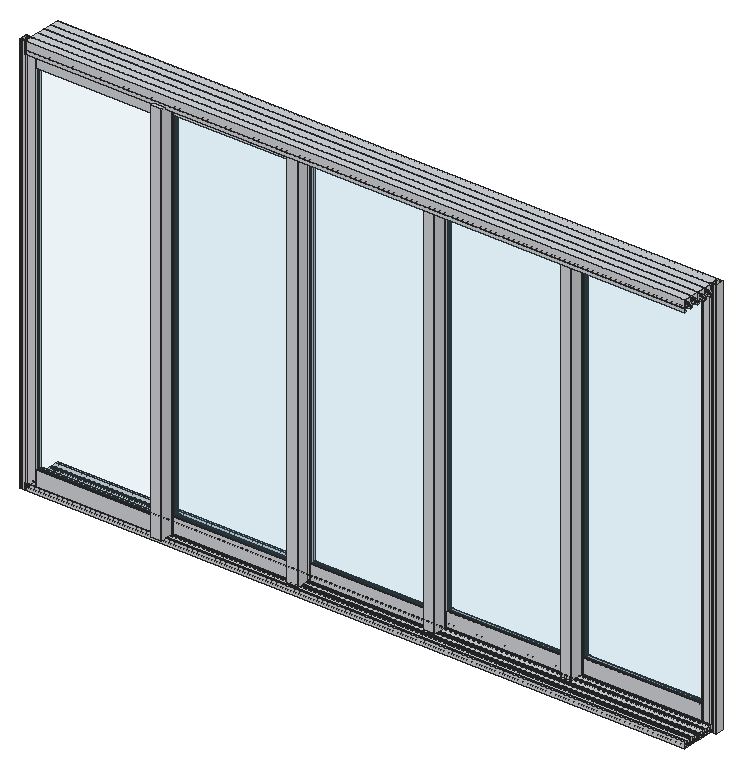
Revit family "MT-HB_SLIDING DOOR_XXXXX", category Doors, host Wall, Revit 2017
Family settings
  Host = Wall
  OmniClass Number = 23.30.20.00
  OmniClass Title = Windows
  Always vertical = Yes
  Cut with Voids When Loaded = No
  Shared = No
  Room Calculation Point = No
Parameters (values of type "XXXXX")
  YEAR = "2019"  # constant formula
  Width = 5500 mm
  WARNING = if(or((PANEL HEIGHT > MAX PANEL HEIGHT), (PANEL WIDTH > MAX PANEL WIDTH)), 1 = 1, 0 = 1)  # no
  VERSION = "2.1"  # constant formula
  URL = "WWW.ALSPEC.COM.AU"
  TOP PANEL POSITION = PANEL HEIGHT - 16 mm  # 2874 mm
  TOLERANCE = 0 mm
  SINGLE GLAZED THICKNESS = 5 mm
  Rough Width = if(Width > MAX WIDTH, (MAX WIDTH + (TOLERANCE * 2)), (Width + (TOLERANCE * 2)))  # 5000 mm
  Rough Height = if(Height > (MAX HEIGHT), (MAX HEIGHT + TOLERANCE * 2), (Height + TOLERANCE * 2))  # 3000 mm
  PANEL WIDTH = ((OVERALL FRAME WIDTH - (2 mm * 36.5)) + 150 mm + 150 mm) / 5  # 1045.4 mm
  PANEL HEIGHT = OVERALL FRAME HEIGHT - (75 mm + 35 mm)  # 2890 mm
  OVERALL FRAME WIDTH = if(Width > MAX WIDTH, MAX WIDTH, Width)  # 5000 mm
  OVERALL FRAME HEIGHT = if(Height > MAX HEIGHT, MAX HEIGHT, Height)  # 3000 mm
  OFFSET = 10 mm
  Model = "HAWKESBURY TOP HUNG COMMERCIAL SLIDING DOOR "  # constant formula
  Manufacturer = "ALSPEC"
  MAX WIDTH = 5000 mm  # constant formula
  MAX PANEL WIDTH = 1250 mm  # constant formula
  MAX PANEL HEIGHT = 3000 mm  # constant formula
  MAX HEIGHT = 3000 mm  # constant formula
  Height = 3000 mm
  GLAZED MATERIAL = Glass
  FRAME MATERIAL = none
  Default Sill Height = 0 mm
  Wall Closure = By host
  DOUBLE GLAZED THICKNESS = 18 mm
  DOUBLE GLAZED = no
  CREATOR = "SCOTT ISOUARD"  # constant formula
  COMPANY = "ARCHVIS"  # constant formula
  BOT PANEL POSITION = 35 mm  # constant formula
  Analytic Construction = "<None>"
  ANZRC COMPLIANT = "YES"  # constant formula
  AIR POCKET = 8 mm
  A = 75 mm
  2L/2R = not([1L1R])  # yes
  1L1R = no
Reference planes
  plane 1 "Center (Front/Back)": y = 0
  plane 2 "Center (Left/Right)": x = 0
  plane 3 "Left": x = -2500
  plane 4 "Right": x = 2500
  plane 5 "Sill": z = 0
  plane 6 "Head": z = 3000
  plane 7 "Exterior": y = 100
  plane 8 "Interior": y = -100
  plane 9: x = -2500
  plane 10: x = 2500
  plane 11: y = 90
  plane 12: z = 0
  plane 13: z = 35
  plane 14 "FRAME CENTRE": y = 22.5
  plane 15: y = 67.5
  plane 16: x = -2463.5
  plane 17: x = -2465.5
  plane 18: x = 2463.5
  plane 19: x = 2465.5
  plane 20: x = -1940.8
  plane 21: x = 1940.8
  plane 22: z = 3000
  plane 23 "FIXED DOOR": y = 5.3
  plane 24: z = 3275
  plane 25: x = 1493.1
  plane 26: x = 1418.1
  plane 27: x = 447.7
  plane 28: x = 522.7
  plane 29: x = 1455.6
  plane 30: x = 970.4
  plane 31: y = -56.9
  plane 32: x = -447.7
  plane 33: x = -522.7
  plane 34: x = -485.2
  plane 35: y = -119.1
  plane 36: y = -181.3
  plane 37: x = -1418.1
  plane 38: x = -1493.1
  plane 39: x = -1455.6
  plane 40: x = -970.4
Forms (mm)
  Sweep 1, solid, material <- "FRAME MATERIAL"
    path origin (-102, -181.3, 1500) x (1, 0, 0) y (0, 0, 1)
      loop
        line (-2398, -1500) -> (-2398, 1500)
    profile "HB88_MAIN FRAME : HB88_MAIN FRAME" origin (-2500, -181.3, 1500) x (-1, 0, 0) y (0, -1, 0)
      loop
        line (-46.5, 30) -> (-46.5, 25.6) -> (-36, 25.6) -> (-36, 27.7) -> (-32.1, 27.7) -> (-32.1, 13.5) -> (-34.5, 13.5) -> (-34.5, -13.5) -> (-32.1, -13.5) -> (-32.1, -27.7) -> (-36, -27.7) -> (-36, -25.6) -> (-46.5, -25.6) -> (-46.5, -30) -> (-1.5, -30) -> (-1.5, -25.6) -> (-12, -25.6) -> (-12, -27.7) -> (-29.8, -27.7) -> (-29.8, -11.2) -> (-32.2, -11.2) -> (-32.2, 11.2) -> (-29.8, 11.2) -> (-29.8, 27.7) -> (-12, 27.7) -> (-12, 25.6) -> (-1.5, 25.6) -> (-1.5, 30) -> (-46.5, 30)
  Sweep 2, solid, material <- "FRAME MATERIAL"
    path origin (-2077.482, 67.5, 1000) x (-1, 0, 0) y (0, 0, 1)
      loop
        line (-4542.982, -1000) -> (388.018, -1000)
    profile "H111_SILL JAMB : H105_SILL JAMB" origin (0, 67.5, 0) x (0, 0, 1) y (0, 1, 0)
      loop
        line (0, 30.938) -> (0, -155.269) -> (45, -155.269) -> (45, -149.936) -> (34.5, -149.936) -> (34.5, -153.269) -> (16.561, -153.269) -> (16.561, -144.717) -> (15.061, -144.717) -> (15.061, -153.269) -> (2, -153.269) -> (2, 28.938) -> (15.061, 28.938) -> (15.061, 20.386) -> (16.561, 20.386) -> (16.561, 28.938) -> (34.5, 28.938) -> (34.5, 25.604) -> (45, 25.604) -> (45, 30.938) -> (0, 30.938)
  Sweep 3, solid, material <- "FRAME MATERIAL"
    path origin (-2077.482, 67.5, 1000) x (-1, 0, 0) y (0, 0, 1)
      loop
        line (-4542.982, 2000) -> (388.018, 2000)
    profile "HB100_HEAD FRAME : HB100_HEAD FRAME" origin (0, 67.5, 3000) x (0, 0, 1) y (0, 1, 0)
      loop
        line (-57.7, -31) -> (0, -31) -> (0, 31) -> (-57.7, 31) -> (-57.7, 15.8) -> (-59.2, 15.8) -> (-59.2, 13.8) -> (-55.7, 13.8) -> (-55.7, 29) -> (-49, 29) -> (-49, 11.5) -> (-41.5, 11.5) -> (-41.5, 14) -> (-45.499, 14) -> (-45.499, 28.4) -> (-4, 28.4) -> (-4, -28.4) -> (-45.499, -28.4) -> (-45.499, -14) -> (-41.5, -14) -> (-41.5, -11.5) -> (-49, -11.5) -> (-49, -29) -> (-55.7, -29) -> (-55.7, -13.8) -> (-59.2, -13.8) -> (-59.2, -15.8) -> (-57.7, -15.8) -> (-57.7, -31)
  Sweep 4, solid, material <- "FRAME MATERIAL"
    path origin (-102, -181.3, 1500) x (1, 0, 0) y (0, 0, 1)
      loop
        line (-2398, -1500) -> (-2398, 1500)
    profile "HB89_MAIN FRAME : HB89_MAIN FRAME" origin (-2500, -181.3, 1500) x (-1, 0, 0) y (0, -1, 0)
      loop
        line (-1.5, 30) -> (-1.5, 25.4) -> (-14.841, 25.4) -> (-14.841, 24.3) -> (-1.5, 24.3) -> (-1.5, -24.3) -> (-14.841, -24.3) -> (-14.841, -25.4) -> (-1.5, -25.4) -> (-1.5, -30) -> (0, -30) -> (0, 30) -> (-1.5, 30)
  Sweep 5, solid, material <- "FRAME MATERIAL"
    path origin (-2077.482, 67.5, 1000) x (-1, 0, 0) y (0, 0, 1)
      loop
        line (-4542.982, 2000) -> (388.018, 2000)
    profile "HB101_WEATHER ADAPTOR : HB101_WEATHER ADAPTOR" origin (0, 67.5, 3000) x (0, 0, 1) y (0, 1, 0)
      loop
        line (-84.799, 31) -> (-84.799, 25.609) -> (-74.299, 25.609) -> (-74.299, 29) -> (-59.7, 29) -> (-59.7, 16) -> (-57.7, 16) -> (-57.7, 31) -> (-84.799, 31)
  Sweep 6, solid, material <- "FRAME MATERIAL"
    path origin (-2077.482, 67.5, 1000) x (-1, 0, 0) y (0, 0, 1)
      loop
        line (-4542.982, 2000) -> (388.018, 2000)
    profile "HB101_WEATHER ADAPTOR : HB101_WEATHER ADAPTOR" origin (0, 67.5, 3000) x (0, 0, 1) y (0, 1, 0)
      loop
        line (-84.799, -31) -> (-57.7, -31) -> (-57.7, -16) -> (-59.7, -16) -> (-59.7, -29) -> (-74.299, -29) -> (-74.299, -25.609) -> (-84.799, -25.609) -> (-84.799, -31)
  Sweep 7, solid, material <- "FRAME MATERIAL"
    path origin (-2077.482, 67.5, 1000) x (-1, 0, 0) y (0, 0, 1)
      loop
        line (-4542.982, -1000) -> (388.018, -1000)
    profile "H104_SILL JAMB : H104_SILL JAMB" origin (0, 67.5, 0) x (0, 0, 1) y (0, 1, 0)
      loop
        line (45, -17.2) -> (45, 17.2) -> (34.5, 17.2) -> (34.5, 14.8) -> (16.4, 14.8) -> (16.4, 18.094) -> (15, 18.094) -> (15, 13.4) -> (43, 13.4) -> (43, -13.4) -> (22.732, -13.4) -> (19.859, -10.527) -> (16.05, -10.527) -> (16.05, -12.829) -> (17.25, -12.829) -> (17.25, -11.769) -> (19.414, -11.769) -> (20.46, -12.816) -> (20.46, -14.8) -> (34.5, -14.8) -> (34.5, -17.2) -> (45, -17.2)
  Sweep 8, solid, material <- "FRAME MATERIAL"
    path origin (-2077.482, 67.5, 1000) x (-1, 0, 0) y (0, 0, 1)
      loop
        line (-4542.982, -1000) -> (388.018, -1000)
    profile "H114_SILL JAMB : H112_SILL JAMB" origin (0, 67.5, 0) x (0, 0, 1) y (0, 1, 0)
      loop
        line (16.635, 15.506) -> (18.085, 15.506) -> (18.085, 24.121) -> (16.586, 24.121) -> (16.586, 20.001) -> (15.062, 20.001) -> (14.756, 21.144)
        arc (14.756, 21.144) -> (14.19, 21.71) -> (13.417, 21.503) r 0.8
        line (13.417, 21.503) -> (9.945, 18.03) -> (11.076, 16.899) -> (12.885, 18.708) -> (12.885, -14.051)
        arc (12.885, -14.051) -> (13.178, -14.758) -> (13.885, -15.051) r 1
        line (13.885, -15.051) -> (17.485, -15.051)
        arc (17.485, -15.051) -> (18.192, -15.344) -> (18.485, -16.051) r 1
        line (18.485, -16.051) -> (18.485, -39.169)
        arc (18.485, -39.169) -> (18.192, -39.876) -> (17.485, -40.169) r 1
        arc (17.485, -40.169) -> (16.772, -40.467) -> (16.485, -41.184) r 1
        arc (16.485, -41.184) -> (16.197, -41.901) -> (15.485, -42.199) r 1
        line (15.485, -42.199) -> (13.885, -42.199)
        arc (13.885, -42.199) -> (13.178, -42.492) -> (12.885, -43.199) r 1
        line (12.885, -43.199) -> (12.885, -77.251) -> (18.485, -77.251) -> (18.485, -101.369)
        arc (18.485, -101.369) -> (18.192, -102.076) -> (17.485, -102.369) r 1
        arc (17.485, -102.369) -> (16.778, -102.662) -> (16.485, -103.369) r 1
        arc (16.485, -103.369) -> (16.192, -104.076) -> (15.485, -104.369) r 1
        line (15.485, -104.369) -> (13.885, -104.369)
        arc (13.885, -104.369) -> (13.178, -104.662) -> (12.885, -105.369) r 1
        line (12.885, -105.369) -> (12.885, -138.451)
        arc (12.885, -138.451) -> (13.178, -139.158) -> (13.885, -139.451) r 1
        line (13.885, -139.451) -> (15.585, -139.451)
        arc (15.585, -139.451) -> (15.938, -139.598) -> (16.085, -139.951) r 0.5
        line (16.085, -139.951) -> (16.085, -141.989)
        arc (16.085, -141.989) -> (15.938, -142.343) -> (15.585, -142.489) r 0.5
        line (15.585, -142.489) -> (13.552, -142.489) -> (13.212, -143.756) -> (10.893, -142.417)
        arc (10.893, -142.417) -> (9.8, -142.71) -> (10.093, -143.803) r 0.8
        line (10.093, -143.803) -> (13.653, -145.858)
        arc (13.653, -145.858) -> (14.359, -145.904) -> (14.826, -145.372) r 0.8
        line (14.826, -145.372) -> (15.062, -144.489) -> (16.586, -144.489) -> (16.586, -148.649) -> (18.085, -148.649) -> (18.085, -139.451) -> (20.485, -139.451) -> (20.485, -137.25) -> (19.493, -136.258) -> (17.487, -136.258) -> (17.487, -137.451) -> (14.885, -137.451) -> (14.885, -106.395) -> (16.635, -106.395) -> (16.635, -108.169)
        arc (16.635, -108.169) -> (17.36, -108.894) -> (18.085, -108.169) r 0.725
        line (18.085, -108.169) -> (18.085, -104.367) -> (20.485, -104.367) -> (20.485, -97.825)
        arc (20.485, -97.825) -> (20.778, -97.118) -> (21.485, -96.825) r 1
        line (21.485, -96.825) -> (34.525, -96.825) -> (34.525, -97.825)
        arc (34.525, -97.825) -> (34.818, -98.532) -> (35.525, -98.825) r 1
        line (35.525, -98.825) -> (36.975, -98.825)
        arc (36.975, -98.825) -> (37.475, -98.325) -> (36.975, -97.825) r 0.5
        line (36.975, -97.825) -> (36.025, -97.825) -> (36.025, -96.525) -> (43.525, -96.525) -> (43.525, -97.825) -> (42.575, -97.825)
        arc (42.575, -97.825) -> (42.075, -98.325) -> (42.575, -98.825) r 0.5
        line (42.575, -98.825) -> (45.025, -98.825) -> (45.025, -87.825) -> (42.575, -87.825)
        arc (42.575, -87.825) -> (42.075, -88.325) -> (42.575, -88.825) r 0.5
        line (42.575, -88.825) -> (43.525, -88.825) -> (43.525, -90.125) -> (36.025, -90.125) -> (36.025, -88.825) -> (36.975, -88.825)
        arc (36.975, -88.825) -> (37.475, -88.325) -> (36.975, -87.825) r 0.5
        line (36.975, -87.825) -> (35.525, -87.825)
        arc (35.525, -87.825) -> (34.818, -88.118) -> (34.525, -88.825) r 1
        line (34.525, -88.825) -> (34.525, -91.825) -> (43.025, -91.825) -> (43.025, -94.825) -> (21.485, -94.825)
        arc (21.485, -94.825) -> (20.778, -94.532) -> (20.485, -93.825) r 1
        line (20.485, -93.825) -> (20.485, -75.05) -> (19.493, -74.058) -> (17.487, -74.058) -> (17.487, -75.251) -> (14.885, -75.251) -> (14.885, -44.195) -> (16.635, -44.195) -> (16.635, -45.969)
        arc (16.635, -45.969) -> (17.36, -46.694) -> (18.085, -45.969) r 0.725
        line (18.085, -45.969) -> (18.085, -42.167) -> (20.485, -42.167) -> (20.485, -35.625)
        arc (20.485, -35.625) -> (20.778, -34.918) -> (21.485, -34.625) r 1
        line (21.485, -34.625) -> (34.525, -34.625) -> (34.525, -35.625)
        arc (34.525, -35.625) -> (34.818, -36.332) -> (35.525, -36.625) r 1
        line (35.525, -36.625) -> (36.975, -36.625)
        arc (36.975, -36.625) -> (37.475, -36.125) -> (36.975, -35.625) r 0.5
        line (36.975, -35.625) -> (36.025, -35.625) -> (36.025, -34.325) -> (43.525, -34.325) -> (43.525, -35.625) -> (42.075, -35.625) -> (42.075, -36.625) -> (45.025, -36.625) -> (45.025, -25.625) -> (42.075, -25.625) -> (42.075, -26.625) -> (43.525, -26.625) -> (43.525, -27.925) -> (36.025, -27.925) -> (36.025, -26.625) -> (36.975, -26.625)
        arc (36.975, -26.625) -> (37.475, -26.125) -> (36.975, -25.625) r 0.5
        line (36.975, -25.625) -> (35.525, -25.625)
        arc (35.525, -25.625) -> (34.818, -25.918) -> (34.525, -26.625) r 1
        line (34.525, -26.625) -> (34.525, -29.625) -> (43.025, -29.625) -> (43.025, -32.625) -> (21.485, -32.625)
        arc (21.485, -32.625) -> (20.778, -32.332) -> (20.485, -31.625) r 1
        line (20.485, -31.625) -> (20.485, -12.85) -> (19.42, -11.786) -> (17.487, -11.786) -> (17.487, -13.051) -> (14.885, -13.051) -> (14.885, 18.005) -> (16.635, 18.005) -> (16.635, 15.506)
  Sweep 9, solid, material <- "FRAME MATERIAL"
    path origin (-2077.482, 67.5, 1000) x (-1, 0, 0) y (0, 0, 1)
      loop
        line (-4577.482, -1000) -> (-4577.482, 2000)
    profile "HB88_MAIN FRAME : HB88_MAIN FRAME" origin (2500, 67.5, 1500) x (1, 0, 0) y (0, 1, 0)
      loop
        line (-46.5, 30) -> (-46.5, 25.6) -> (-36, 25.6) -> (-36, 27.7) -> (-32.1, 27.7) -> (-32.1, 13.5) -> (-34.5, 13.5) -> (-34.5, -13.5) -> (-32.1, -13.5) -> (-32.1, -27.7) -> (-36, -27.7) -> (-36, -25.6) -> (-46.5, -25.6) -> (-46.5, -30) -> (-1.5, -30) -> (-1.5, -25.6) -> (-12, -25.6) -> (-12, -27.7) -> (-29.8, -27.7) -> (-29.8, -11.2) -> (-32.2, -11.2) -> (-32.2, 11.2) -> (-29.8, 11.2) -> (-29.8, 27.7) -> (-12, 27.7) -> (-12, 25.6) -> (-1.5, 25.6) -> (-1.5, 30) -> (-46.5, 30)
  Sweep 10, solid, material <- "FRAME MATERIAL"
    path origin (-2077.482, 67.5, 1000) x (-1, 0, 0) y (0, 0, 1)
      loop
        line (-4577.482, -1000) -> (-4577.482, 2000)
    profile "HB89_MAIN FRAME : HB89_MAIN FRAME" origin (2500, 67.5, 1500) x (1, 0, 0) y (0, 1, 0)
      loop
        line (-1.5, 30) -> (-1.5, 25.4) -> (-14.841, 25.4) -> (-14.841, 24.3) -> (-1.5, 24.3) -> (-1.5, -24.3) -> (-14.841, -24.3) -> (-14.841, -25.4) -> (-1.5, -25.4) -> (-1.5, -30) -> (0, -30) -> (0, 30) -> (-1.5, 30)
  Sweep 11, solid, material <- "FRAME MATERIAL"
    path origin (-102, 5.3, 1500) x (1, 0, 0) y (0, 0, 1)
      loop
        line (2567.5, 1500) -> (-2363.5, 1500)
    profile "HB100_HEAD FRAME : HB100_HEAD FRAME" origin (0, 5.3, 3000) x (0, 0, -1) y (0, -1, 0)
      loop
        line (57.7, -31) -> (57.7, -15.8) -> (59.2, -15.8) -> (59.2, -13.8) -> (55.7, -13.8) -> (55.7, -29) -> (49, -29) -> (49, -11.5) -> (41.5, -11.5) -> (41.5, -14) -> (45.499, -14) -> (45.499, -28.4) -> (4, -28.4) -> (4, 28.4) -> (45.499, 28.4) -> (45.499, 14) -> (41.5, 14) -> (41.5, 11.5) -> (49, 11.5) -> (49, 29) -> (55.7, 29) -> (55.7, 13.8) -> (59.2, 13.8) -> (59.2, 15.8) -> (57.7, 15.8) -> (57.7, 31) -> (0, 31) -> (0, -31) -> (57.7, -31)
  Sweep 12, solid, material <- "FRAME MATERIAL"
    path origin (-102, 5.3, 1500) x (1, 0, 0) y (0, 0, 1)
      loop
        line (2567.5, 1500) -> (-2363.5, 1500)
    profile "HB101_WEATHER ADAPTOR : HB101_WEATHER ADAPTOR" origin (0, 5.3, 3000) x (0, 0, -1) y (0, -1, 0)
      loop
        line (84.799, -31) -> (84.799, -25.609) -> (74.299, -25.609) -> (74.299, -29) -> (59.7, -29) -> (59.7, -16) -> (57.7, -16) -> (57.7, -31) -> (84.799, -31)
  Sweep 13, solid, material <- "FRAME MATERIAL"
    path origin (-102, -56.9, 1500) x (1, 0, 0) y (0, 0, 1)
      loop
        line (2567.5, 1500) -> (-2363.5, 1500)
    profile "HB101_WEATHER ADAPTOR : HB101_WEATHER ADAPTOR" origin (0, -56.9, 3000) x (0, 0, -1) y (0, -1, 0)
      loop
        line (84.799, 31) -> (57.7, 31) -> (57.7, 16) -> (59.7, 16) -> (59.7, 29) -> (74.299, 29) -> (74.299, 25.609) -> (84.799, 25.609) -> (84.799, 31)
  Sweep 14, solid, material <- "FRAME MATERIAL"
    path origin (-102, 5.3, 1500) x (1, 0, 0) y (0, 0, 1)
      loop
        line (2567.5, -1500) -> (-2363.5, -1500)
    profile "H104_SILL JAMB : H104_SILL JAMB" origin (0, 5.3, 0) x (0, 0, -1) y (0, -1, 0)
      loop
        line (-45, 17.2) -> (-45, -17.2) -> (-34.5, -17.2) -> (-34.5, -14.8) -> (-16.4, -14.8) -> (-16.4, -18.094) -> (-15, -18.094) -> (-15, -13.4) -> (-43, -13.4) -> (-43, 13.4) -> (-22.732, 13.4) -> (-19.859, 10.527) -> (-16.05, 10.527) -> (-16.05, 12.829) -> (-17.25, 12.829) -> (-17.25, 11.769) -> (-19.414, 11.769) -> (-20.46, 12.816) -> (-20.46, 14.8) -> (-34.5, 14.8) -> (-34.5, 17.2) -> (-45, 17.2)
  Sweep 15, solid, material <- "FRAME MATERIAL"
    path origin (-102, -56.9, 1500) x (1, 0, 0) y (0, 0, 1)
      loop
        line (2567.5, 1500) -> (-2363.5, 1500)
    profile "HB100_HEAD FRAME : HB100_HEAD FRAME" origin (0, -56.9, 3000) x (0, 0, -1) y (0, -1, 0)
      loop
        line (57.7, -31) -> (57.7, -15.8) -> (59.2, -15.8) -> (59.2, -13.8) -> (55.7, -13.8) -> (55.7, -29) -> (49, -29) -> (49, -11.5) -> (41.5, -11.5) -> (41.5, -14) -> (45.499, -14) -> (45.499, -28.4) -> (4, -28.4) -> (4, 28.4) -> (45.499, 28.4) -> (45.499, 14) -> (41.5, 14) -> (41.5, 11.5) -> (49, 11.5) -> (49, 29) -> (55.7, 29) -> (55.7, 13.8) -> (59.2, 13.8) -> (59.2, 15.8) -> (57.7, 15.8) -> (57.7, 31) -> (0, 31) -> (0, -31) -> (57.7, -31)
  Sweep 16, solid, material <- "FRAME MATERIAL"
    path origin (-102, -56.9, 1500) x (1, 0, 0) y (0, 0, 1)
      loop
        line (2567.5, 1500) -> (-2363.5, 1500)
    profile "HB101_WEATHER ADAPTOR : HB101_WEATHER ADAPTOR" origin (0, -56.9, 3000) x (0, 0, -1) y (0, -1, 0)
      loop
        line (84.799, -31) -> (84.799, -25.609) -> (74.299, -25.609) -> (74.299, -29) -> (59.7, -29) -> (59.7, -16) -> (57.7, -16) -> (57.7, -31) -> (84.799, -31)
  Sweep 17, solid, material <- "FRAME MATERIAL"
    path origin (-102, 5.3, 1500) x (1, 0, 0) y (0, 0, 1)
      loop
        line (2567.5, 1500) -> (-2363.5, 1500)
    profile "HB101_WEATHER ADAPTOR : HB101_WEATHER ADAPTOR" origin (0, 5.3, 3000) x (0, 0, -1) y (0, -1, 0)
      loop
        line (84.799, 31) -> (57.7, 31) -> (57.7, 16) -> (59.7, 16) -> (59.7, 29) -> (74.299, 29) -> (74.299, 25.609) -> (84.799, 25.609) -> (84.799, 31)
  Sweep 18, solid, material <- "FRAME MATERIAL"
    path origin (-102, -56.9, 1500) x (1, 0, 0) y (0, 0, 1)
      loop
        line (2567.5, -1500) -> (-2363.5, -1500)
    profile "H104_SILL JAMB : H104_SILL JAMB" origin (0, -56.9, 0) x (0, 0, -1) y (0, -1, 0)
      loop
        line (-45, 17.2) -> (-45, -17.2) -> (-34.5, -17.2) -> (-34.5, -14.8) -> (-16.4, -14.8) -> (-16.4, -18.094) -> (-15, -18.094) -> (-15, -13.4) -> (-43, -13.4) -> (-43, 13.4) -> (-22.732, 13.4) -> (-19.859, 10.527) -> (-16.05, 10.527) -> (-16.05, 12.829) -> (-17.25, 12.829) -> (-17.25, 11.769) -> (-19.414, 11.769) -> (-20.46, 12.816) -> (-20.46, 14.8) -> (-34.5, 14.8) -> (-34.5, 17.2) -> (-45, 17.2)
  Sweep 19, solid, material <- "FRAME MATERIAL"
    path origin (-102, -119.1, 1500) x (1, 0, 0) y (0, 0, 1)
      loop
        line (2567.5, 1500) -> (-2363.5, 1500)
    profile "HB101_WEATHER ADAPTOR : HB101_WEATHER ADAPTOR" origin (0, -119.1, 3000) x (0, 0, -1) y (0, -1, 0)
      loop
        line (84.799, 31) -> (57.7, 31) -> (57.7, 16) -> (59.7, 16) -> (59.7, 29) -> (74.299, 29) -> (74.299, 25.609) -> (84.799, 25.609) -> (84.799, 31)
  Sweep 20, solid, material <- "FRAME MATERIAL"
    path origin (-102, -119.1, 1500) x (1, 0, 0) y (0, 0, 1)
      loop
        line (2567.5, 1500) -> (-2363.5, 1500)
    profile "HB100_HEAD FRAME : HB100_HEAD FRAME" origin (0, -119.1, 3000) x (0, 0, -1) y (0, -1, 0)
      loop
        line (57.7, -31) -> (57.7, -15.8) -> (59.2, -15.8) -> (59.2, -13.8) -> (55.7, -13.8) -> (55.7, -29) -> (49, -29) -> (49, -11.5) -> (41.5, -11.5) -> (41.5, -14) -> (45.499, -14) -> (45.499, -28.4) -> (4, -28.4) -> (4, 28.4) -> (45.499, 28.4) -> (45.499, 14) -> (41.5, 14) -> (41.5, 11.5) -> (49, 11.5) -> (49, 29) -> (55.7, 29) -> (55.7, 13.8) -> (59.2, 13.8) -> (59.2, 15.8) -> (57.7, 15.8) -> (57.7, 31) -> (0, 31) -> (0, -31) -> (57.7, -31)
  Sweep 21, solid, material <- "FRAME MATERIAL"
    path origin (-102, -119.1, 1500) x (1, 0, 0) y (0, 0, 1)
      loop
        line (2567.5, 1500) -> (-2363.5, 1500)
    profile "HB101_WEATHER ADAPTOR : HB101_WEATHER ADAPTOR" origin (0, -119.1, 3000) x (0, 0, -1) y (0, -1, 0)
      loop
        line (84.799, -31) -> (84.799, -25.609) -> (74.299, -25.609) -> (74.299, -29) -> (59.7, -29) -> (59.7, -16) -> (57.7, -16) -> (57.7, -31) -> (84.799, -31)
  Sweep 22, solid, material <- "FRAME MATERIAL"
    path origin (-102, -119.1, 1500) x (1, 0, 0) y (0, 0, 1)
      loop
        line (2567.5, -1500) -> (-2363.5, -1500)
    profile "H104_SILL JAMB : H104_SILL JAMB" origin (0, -119.1, 0) x (0, 0, -1) y (0, -1, 0)
      loop
        line (-45, 17.2) -> (-45, -17.2) -> (-34.5, -17.2) -> (-34.5, -14.8) -> (-16.4, -14.8) -> (-16.4, -18.094) -> (-15, -18.094) -> (-15, -13.4) -> (-43, -13.4) -> (-43, 13.4) -> (-22.732, 13.4) -> (-19.859, 10.527) -> (-16.05, 10.527) -> (-16.05, 12.829) -> (-17.25, 12.829) -> (-17.25, 11.769) -> (-19.414, 11.769) -> (-20.46, 12.816) -> (-20.46, 14.8) -> (-34.5, 14.8) -> (-34.5, 17.2) -> (-45, 17.2)
  Sweep 23, solid, material <- "FRAME MATERIAL"
    path origin (-102, -119.1, 1500) x (1, 0, 0) y (0, 0, 1)
      loop
        line (2567.5, -1500) -> (-2363.5, -1500)
    profile "H113_SILL JAMB : H112_SILL JAMB" origin (0, -119.1, 0) x (0, 0, -1) y (0, -1, 0)
      loop
        line (-16.635, -15.506) -> (-18.085, -15.506) -> (-18.085, -24.121) -> (-16.586, -24.121) -> (-16.586, -20.001) -> (-15.062, -20.001) -> (-14.756, -21.144)
        arc (-14.756, -21.144) -> (-14.19, -21.71) -> (-13.417, -21.503) r 0.8
        line (-13.417, -21.503) -> (-9.945, -18.03) -> (-11.076, -16.899) -> (-12.885, -18.708) -> (-12.885, 14.051)
        arc (-12.885, 14.051) -> (-13.178, 14.758) -> (-13.885, 15.051) r 1
        line (-13.885, 15.051) -> (-17.485, 15.051)
        arc (-17.485, 15.051) -> (-18.192, 15.344) -> (-18.485, 16.051) r 1
        line (-18.485, 16.051) -> (-18.485, 39.169)
        arc (-18.485, 39.169) -> (-18.192, 39.876) -> (-17.485, 40.169) r 1
        arc (-17.485, 40.169) -> (-16.772, 40.467) -> (-16.485, 41.184) r 1
        arc (-16.485, 41.184) -> (-16.197, 41.901) -> (-15.485, 42.199) r 1
        line (-15.485, 42.199) -> (-13.885, 42.199)
        arc (-13.885, 42.199) -> (-13.178, 42.492) -> (-12.885, 43.199) r 1
        line (-12.885, 43.199) -> (-12.885, 77.251) -> (-16.085, 77.251) -> (-16.085, 80.289) -> (-13.552, 80.289) -> (-13.242, 81.443) -> (-11.642, 79.843)
        arc (-11.642, 79.843) -> (-10.51, 79.843) -> (-10.51, 80.974) r 0.8
        line (-10.51, 80.974) -> (-13.417, 83.881)
        arc (-13.417, 83.881) -> (-14.19, 84.088) -> (-14.756, 83.522) r 0.8
        line (-14.756, 83.522) -> (-15.019, 82.539) -> (-16.586, 82.539) -> (-16.586, 86.499) -> (-18.085, 86.499) -> (-18.085, 77.251) -> (-20.485, 77.251) -> (-20.485, 74.058) -> (-17.487, 74.058) -> (-17.487, 75.251) -> (-14.885, 75.251) -> (-14.885, 44.195) -> (-16.635, 44.195) -> (-16.635, 45.969)
        arc (-16.635, 45.969) -> (-17.36, 46.694) -> (-18.085, 45.969) r 0.725
        line (-18.085, 45.969) -> (-18.085, 42.167) -> (-20.485, 42.167) -> (-20.485, 35.625)
        arc (-20.485, 35.625) -> (-20.778, 34.918) -> (-21.485, 34.625) r 1
        line (-21.485, 34.625) -> (-34.525, 34.625) -> (-34.525, 35.625)
        arc (-34.525, 35.625) -> (-34.818, 36.332) -> (-35.525, 36.625) r 1
        line (-35.525, 36.625) -> (-36.975, 36.625)
        arc (-36.975, 36.625) -> (-37.475, 36.125) -> (-36.975, 35.625) r 0.5
        line (-36.975, 35.625) -> (-36.025, 35.625) -> (-36.025, 34.325) -> (-43.525, 34.325) -> (-43.525, 35.625) -> (-42.075, 35.625) -> (-42.075, 36.625) -> (-45.025, 36.625) -> (-45.025, 25.625) -> (-42.075, 25.625) -> (-42.075, 26.625) -> (-43.525, 26.625) -> (-43.525, 27.925) -> (-36.025, 27.925) -> (-36.025, 26.625) -> (-36.975, 26.625)
        arc (-36.975, 26.625) -> (-37.475, 26.125) -> (-36.975, 25.625) r 0.5
        line (-36.975, 25.625) -> (-35.525, 25.625)
        arc (-35.525, 25.625) -> (-34.818, 25.918) -> (-34.525, 26.625) r 1
        line (-34.525, 26.625) -> (-34.525, 29.625) -> (-43.025, 29.625) -> (-43.025, 32.625) -> (-21.485, 32.625)
        arc (-21.485, 32.625) -> (-20.778, 32.332) -> (-20.485, 31.625) r 1
        line (-20.485, 31.625) -> (-20.485, 12.85) -> (-19.42, 11.786) -> (-17.487, 11.786) -> (-17.487, 13.051) -> (-14.885, 13.051) -> (-14.885, -18.005) -> (-16.635, -18.005) -> (-16.635, -15.506)
  Sweep 24, solid, material <- "FRAME MATERIAL"
    path origin (-102, -119.1, 1500) x (1, 0, 0) y (0, 0, 1)
      loop
        line (2567.5, -1500) -> (-2363.5, -1500)
    profile "H105_SILL JAMB : H105_SILL JAMB" origin (0, -119.1, 0) x (0, 0, -1) y (0, -1, 0)
      loop
        line (0, -30.938) -> (0, 93.258) -> (-45, 93.258) -> (-45, 87.924) -> (-34.5, 87.924) -> (-34.5, 91.258) -> (-16.561, 91.258) -> (-16.561, 82.706) -> (-15.061, 82.706) -> (-15.061, 91.258) -> (-2, 91.258) -> (-2, -28.938) -> (-15.061, -28.938) -> (-15.061, -20.386) -> (-16.561, -20.386) -> (-16.561, -28.938) -> (-34.5, -28.938) -> (-34.5, -25.604) -> (-45, -25.604) -> (-45, -30.938) -> (0, -30.938)
  Sweep 25, solid, material <- "FRAME MATERIAL"
    path origin (-102, -181.3, 1500) x (1, 0, 0) y (0, 0, 1)
      loop
        line (2567.5, 1500) -> (-2363.5, 1500)
    profile "HB101_WEATHER ADAPTOR : HB101_WEATHER ADAPTOR" origin (0, -181.3, 3000) x (0, 0, -1) y (0, -1, 0)
      loop
        line (84.799, 31) -> (57.7, 31) -> (57.7, 16) -> (59.7, 16) -> (59.7, 29) -> (74.299, 29) -> (74.299, 25.609) -> (84.799, 25.609) -> (84.799, 31)
  Sweep 26, solid, material <- "FRAME MATERIAL"
    path origin (-102, -181.3, 1500) x (1, 0, 0) y (0, 0, 1)
      loop
        line (2567.5, 1500) -> (-2363.5, 1500)
    profile "HB100_HEAD FRAME : HB100_HEAD FRAME" origin (0, -181.3, 3000) x (0, 0, -1) y (0, -1, 0)
      loop
        line (57.7, -31) -> (57.7, -15.8) -> (59.2, -15.8) -> (59.2, -13.8) -> (55.7, -13.8) -> (55.7, -29) -> (49, -29) -> (49, -11.5) -> (41.5, -11.5) -> (41.5, -14) -> (45.499, -14) -> (45.499, -28.4) -> (4, -28.4) -> (4, 28.4) -> (45.499, 28.4) -> (45.499, 14) -> (41.5, 14) -> (41.5, 11.5) -> (49, 11.5) -> (49, 29) -> (55.7, 29) -> (55.7, 13.8) -> (59.2, 13.8) -> (59.2, 15.8) -> (57.7, 15.8) -> (57.7, 31) -> (0, 31) -> (0, -31) -> (57.7, -31)
  Sweep 27, solid, material <- "FRAME MATERIAL"
    path origin (-102, -181.3, 1500) x (1, 0, 0) y (0, 0, 1)
      loop
        line (2567.5, 1500) -> (-2363.5, 1500)
    profile "HB101_WEATHER ADAPTOR : HB101_WEATHER ADAPTOR" origin (0, -181.3, 3000) x (0, 0, -1) y (0, -1, 0)
      loop
        line (84.799, -31) -> (84.799, -25.609) -> (74.299, -25.609) -> (74.299, -29) -> (59.7, -29) -> (59.7, -16) -> (57.7, -16) -> (57.7, -31) -> (84.799, -31)
  Sweep 28, solid, material <- "FRAME MATERIAL"
    path origin (-102, -181.3, 1500) x (1, 0, 0) y (0, 0, 1)
      loop
        line (2567.5, -1500) -> (-2363.5, -1500)
    profile "H104_SILL JAMB : H104_SILL JAMB" origin (0, -181.3, 0) x (0, 0, -1) y (0, -1, 0)
      loop
        line (-45, 17.2) -> (-45, -17.2) -> (-34.5, -17.2) -> (-34.5, -14.8) -> (-16.4, -14.8) -> (-16.4, -18.094) -> (-15, -18.094) -> (-15, -13.4) -> (-43, -13.4) -> (-43, 13.4) -> (-22.732, 13.4) -> (-19.859, 10.527) -> (-16.05, 10.527) -> (-16.05, 12.829) -> (-17.25, 12.829) -> (-17.25, 11.769) -> (-19.414, 11.769) -> (-20.46, 12.816) -> (-20.46, 14.8) -> (-34.5, 14.8) -> (-34.5, 17.2) -> (-45, 17.2)
Lines and regions (mm)
  Opening 1
    outline origin (3500, -100, 0) x (1, 0, 0) y (0, 0, 1)
      loop
        line (-1000, 0) -> (-1000, 3000) -> (-6000, 3000) -> (-6000, 0) -> (-1000, 0)
  Masking region 1, detail levels coarse
    outline origin (-1940.8, 705.143, 1500) x (0, 1, 0) y (0, 0, 1)
      loop
        line (-606.705, -1455) -> (-792.912, -1455) -> (-792.912, -1500) -> (-606.705, -1500) -> (-606.705, -1455)
      loop
        line (-606.643, 1415.201) -> (-606.643, 1500) -> (-793.043, 1500) -> (-793.043, 1415.201) -> (-606.643, 1415.201)
      loop
        line (-793.243, 1415.201) -> (-793.243, 1500) -> (-917.443, 1500) -> (-917.443, 1415.201) -> (-793.243, 1415.201)
      loop
        line (-793.305, -1455) -> (-917.501, -1455) -> (-917.501, -1500) -> (-793.305, -1500) -> (-793.305, -1455)
  model lines
    curve 1: line (0, 67.5, 3000) -> (0, 67.5, 2965)
  symbolic lines, style "Doors"
    curve 2: line (150, 178.663, 0) -> (70.45, 258.213, 0)
    curve 3: line (150, 178.663, 0) -> (-150, 178.663, 0)
  symbolic lines, style "Doors", not visible
    curve 4: line (150, 178.438, 0) -> (70.45, 257.987, 0)
    curve 5: line (150, 178.438, 0) -> (-150, 178.438, 0)
Text (mm)
  text "EXTERIOR" at (-1963.203, 1332.353, 0), in view "Ref. Level"
  text "INTERIOR" at (-1981.466, -818.386, 0), in view "Ref. Level"
  text "Exterior" at (0, 923.751, 2943.296), in view "Right"
  text "Exterior" at (0, 1040.484, 2685.409), in view "Left"
Dimensions and locks
  equal spacing: plane 3 "Left", plane 2 "Center (Left/Right)", plane 4 "Right"
  "Rough Width": plane 3 "Left" to plane 4 "Right"
  "Rough Height": plane 5 "Sill" to plane 6 "Head"
  "Default Sill Height": plane 5 "Sill" to level
  locked: plane 7 "Exterior" to host wall at 0
  locked: plane 8 "Interior" to host wall
  "OFFSET": plane 11 to plane 7 "Exterior"
  equal spacing: plane 9, plane 2 "Center (Left/Right)", plane 10
  "OVERALL FRAME WIDTH": plane 9 to plane 10
  "BOT PANEL POSITION": plane 12 to plane 13
  locked: plane 9 to plane 17 at 34.5
  locked: plane 19 to plane 10 at 34.5
  locked: plane 17 to plane 16 at 2
  locked: plane 18 to plane 19 at 2
  locked: plane 11 to plane 15 at 22.5
  "OVERALL FRAME HEIGHT": plane 12 to plane 22
  "TOLERANCE": plane 5 "Sill" to plane 12
  locked: plane 15 to plane 23 "FIXED DOOR" at 62.2
  equal spacing: plane 26, plane 21, plane 18
  equal spacing: plane 26, plane 29, plane 25
  "A": plane 27 to plane 28
  "A": plane 26 to plane 25
  equal spacing: plane 16, plane 20, plane 37
  equal spacing: plane 27, plane 30, plane 25
  locked: plane 31 to plane 23 "FIXED DOOR" at 62.2
  equal spacing: plane 33, plane 34, plane 32
  "A": plane 33 to plane 32
  equal spacing: plane 33, plane 2 "Center (Left/Right)", plane 28
  "PANEL WIDTH": plane 33 to plane 28
  "PANEL WIDTH": plane 27 to plane 25
  locked: plane 35 to plane 31 at 62.2
  locked: plane 36 to plane 35 at 62.2
  equal spacing: plane 38, plane 39, plane 37
  "A": plane 38 to plane 37
  equal spacing: plane 38, plane 40, plane 32
  "PANEL WIDTH": plane 38 to plane 32
  curve 3 to curve 3 = 300 mm
  curve 3 to Sweep 2 = 80.225 mm
  equal spacing: curve 3, plane 2 "Center (Left/Right)", curve 3, locked at 150 each
  aligned and locked: plane 2 "Center (Left/Right)" to nested 1
  aligned and locked: Sweep 1 sketch curve to plane 9
  aligned and locked: Sweep 1 sketch curve to plane 12
  aligned and locked: Sweep 2 sketch curve to plane 12
  aligned and locked: plane 22 to Sweep 1 sketch curve
  aligned and locked: Sweep 3 sketch curve to plane 22
  aligned and locked: nested 2 to plane 22
  aligned and locked: nested 2 to plane 15
  aligned and locked: nested 4 to plane 22
  aligned and locked: nested 4 to plane 15
  aligned and locked: Masking region 1 sketch curve to Sweep 2  (x2)
  aligned and locked: Masking region 1 sketch curve to Sweep 5  (x2)
  aligned and locked: Sweep 9 sketch curve to plane 10
  aligned and locked: plane 22 to Sweep 9 sketch curve
  aligned and locked: plane 12 to Sweep 9 sketch curve
  aligned and locked: plane 15 to nested 6
  aligned and locked: nested 6 to plane 10
  aligned and locked: plane 23 "FIXED DOOR" to nested 7
  aligned and locked: plane 23 "FIXED DOOR" to nested 8
  aligned and locked: plane 12 to Masking region 1 sketch curve
  aligned and locked: nested 9 to plane 21
  aligned and locked: nested 10 to plane 20
  aligned and locked: nested 5 to nested 10
  aligned and locked: plane 9 to nested 3
  aligned and locked: nested 11 to plane 15
  aligned and locked: nested 8 to plane 22
  aligned and locked: nested 7 to plane 22
  aligned and locked: plane 20 to nested 5
  aligned and locked: plane 31 to nested 13
  aligned and locked: plane 31 to nested 14
  aligned and locked: plane 21 to nested 11
  aligned and locked: nested 14 to plane 22
  aligned and locked: nested 13 to plane 22
  aligned and locked: nested 9 to nested 11
  aligned and locked: nested 15 to nested 12
  aligned and locked: nested 15 to plane 30
  aligned and locked: plane 30 to nested 16
  aligned and locked: plane 23 "FIXED DOOR" to nested 16
  aligned and locked: plane 35 to nested 17
  aligned and locked: nested 18 to plane 12
  aligned and locked: nested 19 to nested 12
  aligned and locked: nested 3 to plane 36
  aligned and locked: nested 5 to plane 36
  aligned and locked: nested 12 to plane 2 "Center (Left/Right)"
  aligned and locked: plane 40 to nested 20
  aligned and locked: nested 20 to plane 35
  aligned and locked: nested 21 to plane 22
  aligned and locked: Masking region 1 sketch curve to nested 18
  aligned and locked: nested 24 to plane 12
  aligned and locked: nested 24 to plane 15
  aligned and locked: Masking region 1 sketch curve to nested 24
  aligned and locked: plane 36 to nested 21
  aligned and locked: plane 36 to nested 22
  aligned and locked: nested 23 to plane 22
  aligned and locked: nested 17 to plane 22
  aligned and locked: nested 22 to plane 22
  aligned and locked: plane 13 to nested 5
  aligned and locked: plane 13 to nested 12
  aligned and locked: plane 13 to nested 20
  aligned and locked: Masking region 1 sketch curve to Sweep 26
  aligned and locked: Masking region 1 sketch curve to nested 23
  aligned and locked: Masking region 1 sketch curve to nested 13
  aligned and locked: nested 25 to plane 40
  aligned and locked: nested 25 to nested 20
  aligned and locked: plane 13 to nested 11
  aligned and locked: Masking region 1 to nested 18
  aligned and locked: plane 31 to nested 12
Automatic sketch dimensions
  Opening 1 sketch curve to plane 3 "Left" = 0 mm
  Opening 1 sketch curve to plane 4 "Right" = 0 mm
  Opening 1 sketch curve to plane 5 "Sill" = 0 mm
  Opening 1 sketch curve to plane 6 "Head" = 0 mm
  Sweep 3 sketch curve to plane 19 = 0 mm
  Sweep 3 sketch curve to plane 17 = 0 mm
  Sweep 5 sketch curve to plane 19 = 0 mm
  Sweep 5 sketch curve to plane 17 = 0 mm
  Sweep 5 sketch curve to plane 22 = 0 mm
  Sweep 6 sketch curve to plane 19 = 0 mm
  Sweep 6 sketch curve to plane 17 = 0 mm
  Sweep 6 sketch curve to plane 22 = 0 mm
  Sweep 2 sketch curve to plane 19 = 0 mm
  Sweep 2 sketch curve to plane 17 = 0 mm
  Sweep 7 sketch curve to plane 12 = 0 mm
  Sweep 7 sketch curve to plane 19 = 0 mm
  Sweep 7 sketch curve to plane 17 = 0 mm
  Sweep 8 sketch curve to plane 12 = 0 mm
  Sweep 8 sketch curve to plane 19 = 0 mm
  Sweep 8 sketch curve to plane 17 = 0 mm
  Sweep 11 sketch curve to plane 17 = 0 mm
  Sweep 11 sketch curve to plane 19 = 0 mm
  Sweep 11 sketch curve to plane 22 = 0 mm
  Sweep 12 sketch curve to plane 17 = 0 mm
  Sweep 12 sketch curve to plane 19 = 0 mm
  Sweep 12 sketch curve to plane 22 = 0 mm
  curve 1 to plane 15 = 0 mm
  curve 1 to plane 22 = 0 mm
  curve 1 to plane 22 = 35 mm
  Sweep 14 sketch curve to plane 12 = 0 mm
  Sweep 14 sketch curve to plane 17 = 0 mm
  Sweep 14 sketch curve to plane 19 = 0 mm
  plane 10 to Sweep 10 sketch curve = 0 mm
  Sweep 10 sketch curve to plane 12 = 0 mm
  Sweep 10 sketch curve to plane 22 = 0 mm
  Sweep 15 sketch curve to plane 17 = 0 mm
  Sweep 15 sketch curve to plane 19 = 0 mm
  Sweep 15 sketch curve to plane 22 = 0 mm
  Sweep 16 sketch curve to plane 17 = 0 mm
  Sweep 16 sketch curve to plane 19 = 0 mm
  Sweep 16 sketch curve to plane 22 = 0 mm
  Sweep 13 sketch curve to plane 17 = 0 mm
  Sweep 13 sketch curve to plane 19 = 0 mm
  Sweep 13 sketch curve to plane 22 = 0 mm
  Sweep 17 sketch curve to plane 17 = 0 mm
  Sweep 17 sketch curve to plane 19 = 0 mm
  Sweep 17 sketch curve to plane 22 = 0 mm
  Sweep 18 sketch curve to plane 12 = 0 mm
  Sweep 18 sketch curve to plane 17 = 0 mm
  Sweep 18 sketch curve to plane 19 = 0 mm
  Sweep 19 sketch curve to plane 17 = 0 mm
  Sweep 19 sketch curve to plane 19 = 0 mm
  Sweep 19 sketch curve to plane 22 = 0 mm
  Sweep 20 sketch curve to plane 17 = 0 mm
  Sweep 20 sketch curve to plane 19 = 0 mm
  Sweep 20 sketch curve to plane 22 = 0 mm
  Sweep 21 sketch curve to plane 17 = 0 mm
  Sweep 21 sketch curve to plane 19 = 0 mm
  Sweep 21 sketch curve to plane 22 = 0 mm
  Sweep 22 sketch curve to plane 12 = 0 mm
  Sweep 22 sketch curve to plane 17 = 0 mm
  Sweep 22 sketch curve to plane 19 = 0 mm
  Masking region 1 sketch curve to plane 12 = 0 mm
  Masking region 1 sketch curve to plane 22 = 0 mm  (x2)
  plane 13 to Masking region 1 sketch curve = 10 mm
  Masking region 1 sketch curve to plane 22 = 84.799 mm
  Sweep 4 sketch curve to plane 9 = 0 mm
  Sweep 4 sketch curve to plane 12 = 0 mm
  Sweep 4 sketch curve to plane 22 = 0 mm
  Sweep 25 sketch curve to plane 17 = 0 mm
  Sweep 25 sketch curve to plane 19 = 0 mm
  Sweep 25 sketch curve to plane 22 = 0 mm
  Sweep 26 sketch curve to plane 17 = 0 mm
  Sweep 26 sketch curve to plane 19 = 0 mm
  Sweep 26 sketch curve to plane 22 = 0 mm
  Sweep 27 sketch curve to plane 17 = 0 mm
  Sweep 27 sketch curve to plane 19 = 0 mm
  Sweep 27 sketch curve to plane 22 = 0 mm
  Masking region 1 sketch curve to host wall = 11.838 mm
  Sweep 23 sketch curve to plane 12 = 0 mm
  Sweep 23 sketch curve to plane 17 = 0 mm
  Sweep 23 sketch curve to plane 19 = 0 mm
  Sweep 28 sketch curve to plane 12 = 0 mm
  Sweep 28 sketch curve to plane 17 = 0 mm
  Sweep 28 sketch curve to plane 19 = 0 mm
  Sweep 24 sketch curve to plane 12 = 0 mm
  Sweep 24 sketch curve to plane 17 = 0 mm
  Sweep 24 sketch curve to plane 19 = 0 mm
Nested families
  nested 1: "WARNING TAG" at (0, 625.475, 0), MAX.HEIGHT <- "MAX PANEL HEIGHT", MAX.WIDTH <- "MAX PANEL WIDTH", visible <- "WARNING", type "WARNING TAG"
    with MAX.WIDTH 1250 mm, MAX.HEIGHT 3000 mm
  nested 2: "DETAIL_HB_HEAD FRAME" at (0, 67.5, 3000) x (0, -1, 0) z (-1, 0, 0), type "DETAIL_HB_HEAD FRAME", detail levels fine
  nested 3: "DETAIL_HB_MAIN FRAME" at (-2500, -181.3, 0), type "DETAIL_HB_MAIN FRAME", detail levels coarse+fine
  nested 4: "DETAIL_HB_DETAIL 01" at (0, 67.5, 3000) x (0, -1, 0) z (-1, 0, 0), type "DETAIL_HB_DETAIL 01", detail levels fine
  nested 5: "HB_SLIDING_GLAZED PANEL_XX_TYPE 1" at (-1940.8, -181.3, 35), Sash Material <- "FRAME MATERIAL", type "SLIDING_GLAZED PANEL"
  nested 6: "DETAIL_HB_MAIN FRAME" at (2500, 67.5, 0) x (-1, 0, 0) z (0, 0, 1), type "DETAIL_HB_MAIN FRAME", detail levels coarse+fine
  nested 7: "DETAIL_HB_HEAD FRAME" at (0, 5.3, 3000) x (0, -1, 0) z (-1, 0, 0), type "DETAIL_HB_HEAD FRAME", detail levels fine
  nested 8: "DETAIL_HB_DETAIL 01" at (0, 5.3, 3000) x (0, -1, 0) z (-1, 0, 0), type "DETAIL_HB_DETAIL 01", detail levels fine
  nested 9: "DETAIL_ARROW" at (1940.8, 90, 1480) x (-1, 0, 0) z (0, 1, 0), type "DETAIL_ARROW"
  nested 10: "DETAIL_ARROW" at (-1940.8, 90, 1480) x (1, 0, 0) z (0, 1, 0), type "DETAIL_ARROW"
  nested 11: "HB_SLIDING_GLAZED PANEL_XX_TYPE 2" at (1940.8, 67.5, 35), Sash Material <- "FRAME MATERIAL", type "SLIDING_GLAZED PANEL"
  nested 12: "HB_SLIDING_GLAZED PANEL_XXX" at (0, -56.9, 35), Sash Material <- "FRAME MATERIAL", type "SLIDING_GLAZED PANEL"
  nested 13: "DETAIL_HB_HEAD FRAME" at (0, -56.9, 3000) x (0, -1, 0) z (-1, 0, 0), type "DETAIL_HB_HEAD FRAME", detail levels fine
  nested 14: "DETAIL_HB_DETAIL 01" at (0, -56.9, 3000) x (0, -1, 0) z (-1, 0, 0), type "DETAIL_HB_DETAIL 01", detail levels fine
  nested 15: "DETAIL_ARROW" at (970.4, 90, 1480) x (-1, 0, 0) z (0, 1, 0), type "DETAIL_ARROW"
  nested 16: "HB_SLIDING_GLAZED PANEL_XXX" at (970.4, 5.3, 35), Sash Material <- "FRAME MATERIAL", type "SLIDING_GLAZED PANEL"
  nested 17: "DETAIL_HB_DETAIL 01" at (0, -119.1, 3000) x (0, -1, 0) z (-1, 0, 0), type "DETAIL_HB_DETAIL 01", detail levels fine
  nested 18: "DETAIL_HB_SILL FRAME" at (0, -119.1, 0) x (0, -1, 0) z (-1, 0, 0), type "DETAIL_HB_SILL FRAME", detail levels fine
  nested 19: "DETAIL_ARROW" at (36.5, 90, 1480) x (-1, 0, 0) z (0, 1, 0), type "DETAIL_ARROW"
  nested 20: "HB_SLIDING_GLAZED PANEL_XXX" at (-970.4, -119.1, 35), Sash Material <- "FRAME MATERIAL", type "SLIDING_GLAZED PANEL"
  nested 21: "DETAIL_HB_HEAD FRAME" at (0, -181.3, 3000) x (0, -1, 0) z (-1, 0, 0), type "DETAIL_HB_HEAD FRAME", detail levels fine
  nested 22: "DETAIL_HB_DETAIL 01" at (0, -181.3, 3000) x (0, -1, 0) z (-1, 0, 0), type "DETAIL_HB_DETAIL 01", detail levels fine
  nested 23: "DETAIL_HB_HEAD FRAME" at (0, -119.1, 3000) x (0, -1, 0) z (-1, 0, 0), type "DETAIL_HB_HEAD FRAME", detail levels fine
  nested 24: "DETAIL_HB_SILL FRAME_3 PANELS" at (0, 67.5, 0) x (0, -1, 0) z (-1, 0, 0), type "DETAIL_HB_SILL FRAME"
  nested 25: "DETAIL_ARROW" at (-970.4, 90, 1480) x (-1, 0, 0) z (0, 1, 0), type "DETAIL_ARROW"
Definition of nested family "HB_SLIDING_GLAZED PANEL_XX_TYPE 1"
  Parameters (values of type "SLIDING_GLAZED PANEL")
    YEAR = "2018"  # constant formula
    VERSION = "2.0"  # constant formula
    TODAYS DATE = "22/11/2018"  # constant formula
    Sash Material [instance] = none
    SINGLE GLAZED THICKNESS = 5 mm
    SINGLE GLAZED = not(DOUBLE GLAZED)  # yes
    PANEL WIDTH = 1045.4 mm
    PANEL HEIGHT = 2890 mm
    JAMP WIDTH = if(DOUBLE GLAZED, 80 mm, 75 mm)  # 75 mm
    HEAD_JAMP HEIGHT = if(DOUBLE GLAZED, 79.5 mm, 80 mm)  # 80 mm
    GLAZED WIDTH [instance] = 911.4 mm
    GLAZED RAIL MATERIAL = none
    GLAZED MATERIAL = none
    Default Elevation = 1219.2 mm
    DOUBLE GLAZED THICKNESS = 18 mm
    DOUBLE GLAZED = no
    CREATOR = "Scott Isouard"  # constant formula
    COMPANY = "Archvis"  # constant formula
    BOTTOM_JAMP HEIGHT = 120 mm  # constant formula
    Analytic Construction = "<None>"
    ANZRC COMPLIANT = "Yes"  # constant formula
    AIR POCKET = DOUBLE GLAZED THICKNESS - 10 mm  # 8 mm
  Reference planes
    plane 1 "Center (Front/Back)": y = 0
    plane 2: z = 0
    plane 3 "Center (Left/Right)": x = 0
    plane 4: x = -522.7
    plane 5: x = 522.7
    plane 6: x = -455.7
    plane 7: x = 455.7
    plane 8: z = 2890
    plane 9: z = 2810
    plane 10: z = 120
    plane 11: z = 1445
    plane 12: x = -447.7
    plane 13: x = 447.7
    plane 14: z = 110
    plane 15: z = 2820
  Forms (mm)
    Extrusion 1, solid, material <- "GLAZED MATERIAL", visible <- "SINGLE GLAZED"
      sketch origin (0, 0, 0) x (1, 0, 0) y (0, 1, 0)
        loop
          line (-455.7, 2.5) -> (-455.7, -2.5) -> (455.7, -2.5) -> (455.7, 2.5) -> (-455.7, 2.5)
      from 110 to 2820
    Extrusion 2, solid, material <- "GLAZED MATERIAL", visible <- "DOUBLE GLAZED"
      sketch origin (0, 0, 0) x (1, 0, 0) y (0, 1, 0)
        loop
          line (-455.7, 9) -> (-455.7, 4) -> (455.7, 4) -> (455.7, 9) -> (-455.7, 9)
        loop
          line (-455.7, -4) -> (-455.7, -9) -> (455.7, -9) -> (455.7, -4) -> (-455.7, -4)
      from 110 to 2820
    Sweep 3, solid, material <- "Sash Material", visible <- "SINGLE GLAZED"
      path origin (0, 0, 0) x (1, 0, 0) y (0, 0, 1)
        loop
          line (-522.7, 2890) -> (-522.7, 0)
      profile "HB22_SGL_LOCK STILE : HB22_SGL_LOCK STILE" origin (-522.7, 0, 1445) x (1, 0, 0) y (0, -1, 0)
        loop
          line (75, 22.5) -> (2.431, 22.5)
          arc (2.431, 22.5) -> (1.085, 18.564) -> (0, 14.548) r 63.5
          line (0, 14.548) -> (0, -14.548)
          arc (0, -14.548) -> (1.085, -18.564) -> (2.431, -22.5) r 63.5
          line (2.431, -22.5) -> (75, -22.5) -> (75, -12.7) -> (73.34, -12.7) -> (73.34, -9.5) -> (64.882, -9.5) -> (64.882, -13.93) -> (72.44, -13.93) -> (72.44, -20.5) -> (49.94, -20.5) -> (49.94, 20.5) -> (72.44, 20.5) -> (72.44, 13.93) -> (64.882, 13.93) -> (64.882, 9.5) -> (73.34, 9.5) -> (73.34, 12.7) -> (75, 12.7) -> (75, 22.5)
    Sweep 4, solid, material <- "Sash Material", visible <- "DOUBLE GLAZED"
      path origin (0, 0, 0) x (1, 0, 0) y (0, 0, 1)
        loop
          line (-447.7, 2890) -> (447.7, 2890)
      profile "HB202_TOP RAIL - DBL : HB202_TOP RAIL - DBL" origin (0, 0, 2890) x (0, 0, 1) y (0, -1, 0)
        loop
          line (0, -22.5) -> (0, -20.5) -> (-7, -20.5) -> (-7, 20.5) -> (0, 20.5) -> (0, 22.5) -> (-79.499, 22.5) -> (-79.499, 19.175) -> (-77.897, 19.175) -> (-77.897, 15.977) -> (-69.491, 15.977) -> (-69.491, 20.575) -> (-61.431, 20.575) -> (-57.041, 16.267) -> (-57.041, 6.97) -> (-59.497, 6.97) -> (-59.497, -20.5) -> (-69.493, -20.5) -> (-69.493, -16.002) -> (-77.899, -16.002) -> (-77.899, -19.2) -> (-79.499, -19.2) -> (-79.499, -22.5) -> (0, -22.5)
    Sweep 5, solid, material <- "Sash Material", visible <- "SINGLE GLAZED"
      path origin (0, 0, 0) x (1, 0, 0) y (0, 0, 1)
        loop
          line (-447.7, 2890) -> (447.7, 2890)
      profile "HB102_TOP RAIL_SGL : HB102_TOP RAIL_SGL" origin (0, 0, 2890) x (0, 0, 1) y (0, -1, 0)
        loop
          line (0, -22.5) -> (0, -20.5) -> (-7, -20.5) -> (-7, 20.5) -> (0, 20.5) -> (0, 22.5) -> (-79.999, 22.5) -> (-79.999, 12.7) -> (-78.409, 12.7) -> (-78.409, 9.5) -> (-69.993, 9.5) -> (-69.993, 11.515) -> (-64.596, 11.515) -> (-60, 6.92) -> (-60, -20.5) -> (-77.999, -20.5) -> (-77.999, -15.428)
          arc (-77.999, -15.428) -> (-77.443, -14.086) -> (-76.101, -13.53) r 1.898
          line (-76.101, -13.53) -> (-69.982, -13.53) -> (-69.982, -9.5) -> (-78.399, -9.5) -> (-78.399, -12.7) -> (-79.999, -12.7) -> (-79.999, -22.5) -> (0, -22.5)
    Sweep 6, solid, material <- "Sash Material", visible <- "SINGLE GLAZED"
      path origin (0, 0, 0) x (1, 0, 0) y (0, 0, 1)
        loop
          line (-447.7, 0) -> (447.7, 0)
      profile "HB26_BOTTOM RAIL_SGL : HB26_BOTTOM RAIL_SGL" origin (0, 0, 0) x (0, 0, 1) y (0, -1, 0)
        loop
          line (120, -22.5) -> (120, -12.7) -> (118.4, -12.7) -> (118.4, -9.5) -> (109.983, -9.5) -> (109.983, -13.498) -> (115.737, -13.498)
          arc (115.737, -13.498) -> (117.337, -14.16) -> (118, -15.76) r 2.263
          line (118, -15.76) -> (118, -20.5) -> (99.998, -20.5) -> (99.998, 6.917) -> (104.597, 11.515) -> (109.994, 11.515) -> (109.994, 9.5) -> (118.41, 9.5) -> (118.41, 12.7) -> (120, 12.7) -> (120, 22.5) -> (-0.002, 22.5) -> (-0.002, 20.5) -> (47.501, 20.5) -> (47.501, -20.5) -> (-0.002, -20.5) -> (-0.002, -22.5) -> (120, -22.5)
    Sweep 7, solid, material <- "Sash Material", visible <- "DOUBLE GLAZED"
      path origin (0, 0, 0) x (1, 0, 0) y (0, 0, 1)
        loop
          line (-447.7, 0) -> (447.7, 0)
      profile "HB426_BOTTOM RAIL_DBL : HB426_BOTTOM RAIL_DBL" origin (0, 0, 0) x (0, 0, 1) y (0, -1, 0)
        loop
          line (120, -22.5) -> (120, -19.2) -> (118.4, -19.2) -> (118.4, -16) -> (109.994, -16) -> (109.994, -20.5) -> (99.998, -20.5) -> (99.998, 6.97) -> (97.544, 6.97) -> (97.544, 16.214) -> (101.841, 20.511) -> (109.994, 20.511) -> (109.994, 16.001) -> (118.4, 16.001) -> (118.4, 19.201) -> (120, 19.201) -> (120, 22.5) -> (-0.002, 22.5) -> (-0.002, 20.4) -> (47.501, 20.4) -> (47.501, -20.4) -> (-0.002, -20.4) -> (-0.002, -22.5) -> (120, -22.5)
    Sweep 8, solid, material <- "Sash Material", visible <- "DOUBLE GLAZED"
      path origin (0, 0, 0) x (1, 0, 0) y (0, 0, 1)
        loop
          line (-522.7, 2890) -> (-522.7, 0)
      profile "HB422_DBL_LOCK STILE : HB422_DBL_LOCK STILE" origin (-522.7, 0, 1445) x (1, 0, 0) y (0, -1, 0)
        loop
          arc (2.491, 22.5) -> (1.107, 18.437) -> (0, 14.29) r 63.5
          line (0, 14.29) -> (0, -14.29)
          arc (0, -14.29) -> (1.107, -18.437) -> (2.491, -22.5) r 63.5
          line (2.491, -22.5) -> (80, -22.5) -> (80, -19.2) -> (78.4, -19.2) -> (78.4, -16) -> (68.805, -16) -> (68.805, -20.5) -> (50, -20.5) -> (50, 20.5) -> (68.805, 20.5) -> (68.805, 16) -> (78.4, 16) -> (78.4, 19.2) -> (80, 19.2) -> (80, 22.5) -> (2.491, 22.5)
    Sweep 9, solid, material <- "Sash Material", visible <- "SINGLE GLAZED"
      path origin (0, 0, 0) x (1, 0, 0) y (0, 0, 1)
        loop
          line (522.7, 2890) -> (522.7, 0)
      profile "HB107_SGL_MEDIUM INTERLOCK : HB28_SGL_LOCK STILE" origin (522.7, 0, 1445) x (1, 0, 0) y (0, -1, 0)
        loop
          line (0, -22.5) -> (0, 59)
          arc (0, 59) -> (-1.025, 61.475) -> (-3.5, 62.5) r 3.5
          line (-3.5, 62.5) -> (-75, 62.5) -> (-75, 12.7) -> (-73.4, 12.7) -> (-73.4, 9.5) -> (-64.942, 9.5) -> (-64.942, 13.93) -> (-72.5, 13.93) -> (-72.5, 20) -> (-50, 20) -> (-50, -20) -> (-72.5, -20) -> (-72.5, -13.93) -> (-64.942, -13.93) -> (-64.942, -9.5) -> (-73.4, -9.5) -> (-73.4, -12.7) -> (-75, -12.7) -> (-75, -22.5) -> (0, -22.5)
    Sweep 10, solid, material <- "Sash Material", visible <- "DOUBLE GLAZED"
      path origin (0, 0, 0) x (1, 0, 0) y (0, 0, 1)
        loop
          line (522.7, 2890) -> (522.7, 0)
      profile "HB107_DBL_MEDIUM INTERLOCK : HB428_SGL_LOCK STILE" origin (522.7, 0, 1445) x (1, 0, 0) y (0, -1, 0)
        loop
          line (0, -22.5) -> (0, 59)
          arc (0, 59) -> (-1.025, 61.475) -> (-3.5, 62.5) r 3.5
          line (-3.5, 62.5) -> (-80, 62.5) -> (-80, 19.2) -> (-78.4, 19.2) -> (-78.4, 16) -> (-68.805, 16) -> (-68.805, 20) -> (-50, 20) -> (-50, -20) -> (-68.805, -20) -> (-68.805, -16) -> (-78.4, -16) -> (-78.4, -19.2) -> (-80, -19.2) -> (-80, -22.5) -> (0, -22.5)
  Lines and regions (mm)
    Masking region 1, detail levels coarse
      outline origin (0, 0, 0) x (1, 0, 0) y (0, 1, 0)
        loop
          line (447.7, 22.5) -> (447.7, -62.5) -> (522.7, -62.5) -> (522.7, 22.5) -> (447.7, 22.5)
        loop
          line (-522.7, 22.5) -> (-522.7, -22.5) -> (-447.7, -22.5) -> (-447.7, 22.5) -> (-522.7, 22.5)
    Masking region 2, detail levels coarse
      outline origin (0, 0, 0) x (0, 1, 0) y (0, 0, 1)
        loop
          line (22.5, 2890) -> (-22.5, 2890) -> (-22.5, 2810) -> (22.5, 2810) -> (22.5, 2890)
        loop
          line (22.5, 0) -> (22.5, 120) -> (-22.5, 120) -> (-22.5, 0) -> (22.5, 0)
  Dimensions and locks
    equal spacing: plane 4, plane 3 "Center (Left/Right)", plane 5
    "PANEL WIDTH": plane 4 to plane 5
    "PANEL HEIGHT": plane 8 to plane 2
    equal spacing: Extrusion 1 sketch curve, plane 1 "Center (Front/Back)", Extrusion 1 sketch curve
    "SINGLE GLAZED THICKNESS": Extrusion 1 sketch curve to Extrusion 1 sketch curve
    equal spacing: plane 8, plane 11, plane 2
    equal spacing: Extrusion 2 sketch curve, plane 1 "Center (Front/Back)", Extrusion 2 sketch curve  (x2)
    "AIR POCKET": Extrusion 2 sketch curve to Extrusion 2 sketch curve
    "DOUBLE GLAZED THICKNESS": Extrusion 2 sketch curve to Extrusion 2 sketch curve
    "JAMP WIDTH": plane 4 to plane 12
    "JAMP WIDTH": plane 13 to plane 5
    "HEAD_JAMP HEIGHT": plane 8 to plane 9
    locked: plane 13 to plane 7 at 8
    "BOTTOM_JAMP HEIGHT": plane 10 to plane 2
    locked: plane 6 to plane 12 at 8
    locked: plane 10 to plane 14 at 10
    locked: plane 15 to plane 9 at 10
    "GLAZED WIDTH": plane 6 to plane 7
    aligned and locked: level to plane 2
    aligned and locked: plane 6 to Extrusion 1 sketch curve
    aligned and locked: Extrusion 1 sketch curve to plane 7
    aligned and locked: plane 6 to Extrusion 2 sketch curve  (x2)
    aligned and locked: Extrusion 2 sketch curve to plane 7  (x2)
    aligned and locked: Sweep 3 sketch curve to plane 4
    aligned and locked: plane 2 to Sweep 3 sketch curve
    aligned and locked: plane 8 to Sweep 3 sketch curve
    aligned and locked: Sweep 4 sketch curve to plane 8
    aligned and locked: plane 12 to Sweep 4 sketch curve
    aligned and locked: plane 13 to Sweep 4 sketch curve
    aligned and locked: Sweep 5 sketch curve to plane 8
    aligned and locked: plane 12 to Sweep 5 sketch curve
    aligned and locked: plane 13 to Sweep 5 sketch curve
    aligned and locked: Sweep 6 sketch curve to plane 2
    aligned and locked: plane 12 to Sweep 6 sketch curve
    aligned and locked: Sweep 7 sketch curve to plane 2
    aligned and locked: plane 12 to Sweep 7 sketch curve
    aligned and locked: plane 13 to Sweep 7 sketch curve
